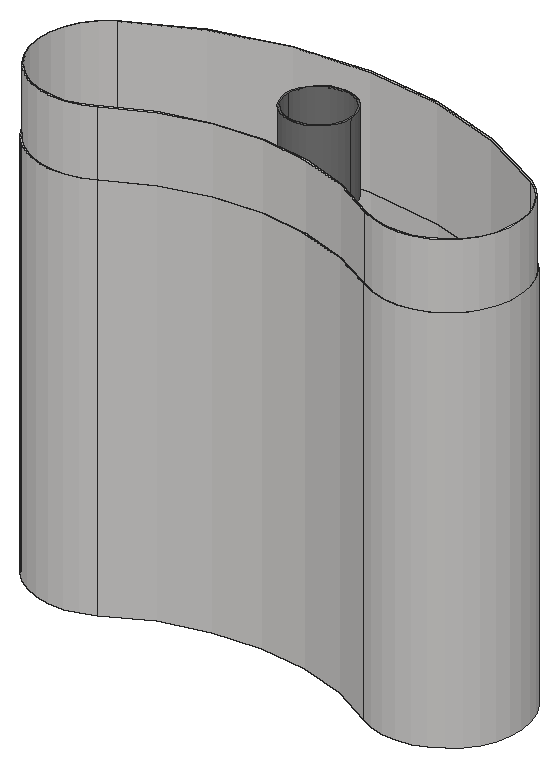
Revit family "Bean 110 Island Hood", category Generic Models, Revit 2012
Parameters
  Venting Properties = "800 MC/H"
  Switches for hood [instance] = Switches for hood
  Stainless Steel Hood material [instance] = Stainless Steel Hood Material
  Filter Material [instance] = Filter Material
  Availability = "www.rest-agio.com"
Reference planes (cm)
  plane 1 "Center (Front/Back)": y = 0
  plane 2: z = 0
  plane 3 "Center (Left/Right)": x = 0
Forms (cm)
  Extrusion 1, solid, material "Switches for hood" <- "Switches for hood"
    sketch origin (0, 34, 0) x (1, 0, 0) y (0, 1, 0)
      loop
        circle (0, 0) r 7.5
      loop
        circle (0, 0) r 7.16
    from 256.6636 to 275
  Extrusion 2, solid, material "Switches for hood" <- "Switches for hood"
    sketch origin (0.1813, 19.8366, 3) x (1, 0, 0) y (0, 1, 0)
      loop
        line (-0.1813, 0.5) -> (-1.1813, 0.5) -> (-1.1813, 0) -> (-1.1813, -0.5) -> (-0.1813, -0.5) -> (0.8187, -0.5) -> (0.8187, 0) -> (0.8187, 0.5) -> (-0.1813, 0.5)
    from 169.75 to 170
  Extrusion 3, solid, material "Switches for hood" <- "Switches for hood"
    sketch origin (2.6813, 19.8366, 3) x (1, 0, 0) y (0, 1, 0)
      loop
        line (-0.1813, 0.5) -> (-1.1813, 0.5) -> (-1.1813, 0) -> (-1.1813, -0.5) -> (-0.1813, -0.5) -> (0.8187, -0.5) -> (0.8187, 0) -> (0.8187, 0.5) -> (-0.1813, 0.5)
    from 169.75 to 170
  Extrusion 4, solid, material "Switches for hood" <- "Switches for hood"
    sketch origin (5.1813, 19.8366, 3) x (1, 0, 0) y (0, 1, 0)
      loop
        line (-0.1813, 0.5) -> (-1.1813, 0.5) -> (-1.1813, 0) -> (-1.1813, -0.5) -> (-0.1813, -0.5) -> (0.8187, -0.5) -> (0.8187, 0) -> (0.8187, 0.5) -> (-0.1813, 0.5)
    from 169.75 to 170
  Extrusion 5, solid, material "Switches for hood" <- "Switches for hood"
    sketch origin (-2.6813, 19.8366, 3) x (-1, 0, 0) y (0, -1, 0)
      loop
        line (-0.1813, -0.5) -> (0.8187, -0.5) -> (0.8187, 0) -> (0.8187, 0.5) -> (-0.1813, 0.5) -> (-1.1813, 0.5) -> (-1.1813, 0) -> (-1.1813, -0.5) -> (-0.1813, -0.5)
    from 169.75 to 170
  Extrusion 6, solid, material "Switches for hood" <- "Switches for hood"
    sketch origin (-5.1813, 19.8366, 3) x (-1, 0, 0) y (0, -1, 0)
      loop
        line (-0.1813, -0.5) -> (0.8187, -0.5) -> (0.8187, 0) -> (0.8187, 0.5) -> (-0.1813, 0.5) -> (-1.1813, 0.5) -> (-1.1813, 0) -> (-1.1813, -0.5) -> (-0.1813, -0.5)
    from 169.75 to 170
  Extrusion 7, solid, material "Stainless Steel Hood Material" <- "Stainless Steel Hood material"
    sketch origin (0, 0, 0) x (1, 0, 0) y (0, 1, 0)
      loop
        arc (-48.2371, 35.9777) -> (-52.6712, 13.8242) -> (-30.6786, 8.6507) r 16.25
        arc (-30.6786, 8.6507) -> (0, 17.6109) -> (30.6786, 8.6507) r 57
        arc (30.6786, 8.6507) -> (53.0382, 14.4235) -> (47.0475, 36.7258) r 16.25
        arc (47.0475, 36.7258) -> (-0.7027, 50.0864) -> (-48.2371, 35.9777) r 89.5
      loop
        arc (-48.1319, 35.8194) -> (-52.5112, 13.9267) -> (-30.7784, 8.8124) r 16.06
        arc (-30.7784, 8.8124) -> (0, 17.8009) -> (30.7784, 8.8124) r 57.19
        arc (30.7784, 8.8124) -> (52.8756, 14.522) -> (46.9505, 36.5624) r 16.06
        arc (46.9505, 36.5624) -> (-0.6978, 49.8964) -> (-48.1319, 35.8194) r 89.31
    from 170 to 260
  Extrusion 8, solid, material "Stainless Steel Hood Material" <- "Stainless Steel Hood material"
    sketch origin (0, 0, 0) x (1, 0, 0) y (0, 1, 0)
      loop
        arc (46.9505, 36.5624) -> (-0.6978, 49.8964) -> (-48.1319, 35.8194) r 89.31
        arc (-48.1319, 35.8194) -> (-52.5112, 13.9267) -> (-30.7784, 8.8124) r 16.06
        arc (-30.7784, 8.8124) -> (0, 17.8009) -> (30.7784, 8.8124) r 57.19
        arc (30.7784, 8.8124) -> (52.8756, 14.522) -> (46.9505, 36.5624) r 16.06
    from 175 to 177
  Extrusion 9, solid, material "Stainless Steel Hood Material"
    sketch origin (0, 0, 0) x (1, 0, 0) y (0, 1, 0)
      loop
        arc (-48.1319, 35.8194) -> (-52.5112, 13.9267) -> (-30.7784, 8.8124) r 16.06
        arc (-30.7784, 8.8124) -> (0, 17.8009) -> (30.7784, 8.8124) r 57.19
        arc (30.7784, 8.8124) -> (52.8756, 14.522) -> (46.9505, 36.5624) r 16.06
        arc (46.9505, 36.5624) -> (-0.6978, 49.8964) -> (-48.1319, 35.8194) r 89.31
      loop
        arc (-44.5002, 32.4221) -> (-48.7563, 17.0068) -> (-33.2977, 12.9107) r 11.25
        arc (-33.2977, 12.9107) -> (-19.7833, 19.3699) -> (-5.1142, 22.3996) r 62
        arc (-5.1142, 22.3996) -> (-2.8715, 23.7162) -> (-2.5, 26.29) r 3
        line (-2.5, 26.29) -> (-2.5, 41.9034)
        arc (-2.5, 41.9034) -> (-3.4515, 44.0951) -> (-5.7025, 44.8965) r 3
        arc (-5.7025, 44.8965) -> (-25.8647, 41.0334) -> (-44.5002, 32.4221) r 84.5
      loop
        arc (2.5, 26.29) -> (2.8715, 23.7162) -> (5.1142, 22.3996) r 3
        arc (5.1142, 22.3996) -> (19.7833, 19.3699) -> (33.2977, 12.9107) r 62
        arc (33.2977, 12.9107) -> (48.7563, 17.0068) -> (44.5002, 32.4221) r 11.25
        arc (44.5002, 32.4221) -> (25.8647, 41.0334) -> (5.7025, 44.8965) r 84.5
        arc (5.7025, 44.8965) -> (3.4515, 44.0951) -> (2.5, 41.9034) r 3
        line (2.5, 41.9034) -> (2.5, 26.29)
    from 173 to 175
  Extrusion 10, solid, material "Filter Material" <- "Filter Material"
    sketch origin (0, 0, 0) x (1, 0, 0) y (0, 1, 0)
      loop
        arc (-44.5002, 32.4221) -> (-48.7563, 17.0068) -> (-33.2977, 12.9107) r 11.25
        arc (-33.2977, 12.9107) -> (-19.7833, 19.3699) -> (-5.1142, 22.3996) r 62
        arc (-5.1142, 22.3996) -> (-2.8715, 23.7162) -> (-2.5, 26.29) r 3
        line (-2.5, 26.29) -> (-2.5, 41.9034)
        arc (-2.5, 41.9034) -> (-3.4515, 44.0951) -> (-5.7025, 44.8965) r 3
        arc (-5.7025, 44.8965) -> (-25.8647, 41.0334) -> (-44.5002, 32.4221) r 84.5
      loop
        line (2.5, 41.9034) -> (2.5, 26.29)
        arc (2.5, 26.29) -> (2.8715, 23.7162) -> (5.1142, 22.3996) r 3
        arc (5.1142, 22.3996) -> (19.7833, 19.3699) -> (33.2977, 12.9107) r 62
        arc (33.2977, 12.9107) -> (48.7563, 17.0068) -> (44.5002, 32.4221) r 11.25
        arc (44.5002, 32.4221) -> (25.8647, 41.0334) -> (5.7025, 44.8965) r 84.5
        arc (5.7025, 44.8965) -> (3.4515, 44.0951) -> (2.5, 41.9034) r 3
    from 173.25 to 174
  Extrusion 11, solid, material "Stainless Steel Hood Material"
    sketch origin (0, 0, 0) x (1, 0, 0) y (0, 1, 0)
      loop
        arc (-48.0987, 35.7695) -> (-52.4607, 13.9591) -> (-30.8099, 8.8635) r 16
        arc (-30.8099, 8.8635) -> (0, 17.8609) -> (30.8099, 8.8635) r 57.25
        arc (30.8099, 8.8635) -> (52.8243, 14.553) -> (46.9199, 36.5108) r 16
        arc (46.9199, 36.5108) -> (-0.6963, 49.8364) -> (-48.0987, 35.7695) r 89.25
      loop
        arc (-47.9934, 35.6113) -> (-52.3007, 14.0616) -> (-30.9097, 9.0252) r 15.81
        arc (-30.9097, 9.0252) -> (0, 18.0509) -> (30.9097, 9.0252) r 57.44
        arc (30.9097, 9.0252) -> (52.6617, 14.6514) -> (46.8229, 36.3473) r 15.81
        arc (46.8229, 36.3473) -> (-0.6914, 49.6465) -> (-47.9934, 35.6113) r 89.06
    from 250 to 275
Dimensions and locks (cm)
  aligned and locked: plane 2 to level
  aligned and locked: Extrusion 11 to Extrusion 1
Nested families (cm)
  nested 1: "CookingHood_Light" at (-50.4623, 15.7376, 35.84), type "CookingHood_Light"
  nested 2: "CookingHood_Light" at (0, 34.1466, 35.6849), type "CookingHood_Light"
  nested 3: "CookingHood_Light" at (50.4623, 15.7376, 35.6849) x (-1, 0, 0) z (0, 0, 1), type "CookingHood_Light"
Definition of nested family "CookingHood_Light"
  Parameters (values of type "CookingHood_Light")
    Wattage = 5.38568 W
    built-in parameter 1150110 = 1 (stored number, unit not read)
    built-in parameter 1114217 = 1 (stored number, unit not read)
    built-in parameter 1150109 = 1 (stored number, unit not read)
    built-in parameter 1150134 = (empty or 0)
    built-in parameter 1150113 = 1 (stored number, unit not read)
    Lumens = 800 lm
    built-in parameter 1010506 = 0.5236 (stored number, unit not read)
    built-in parameter 1010507 = 1.0472 (stored number, unit not read)
    Tilt Angle = 90.00°
    built-in parameter 1150115 = 1 (stored number, unit not read)
    built-in parameter 1150105 = 2674.9 (stored number, unit not read)
    Light Source Symbol Length = 60.96 cm
    built-in parameter 1150137 = (empty or 0)
    built-in parameter 1150139 = (empty or 0)
    built-in parameter 1150112 = 1 (stored number, unit not read)
    built-in parameter 1150114 = 1 (stored number, unit not read)
    built-in parameter 1150132 = 2
    built-in parameter 1150102 = (empty or 0)
    built-in parameter 1150138 = (empty or 0)
    built-in parameter 1150107 = 3000 (stored number, unit not read)
    built-in parameter 1150106 = 26.749 (stored number, unit not read)
    built-in parameter 1150104 = 13.8 (stored number, unit not read)
    Dimming Lamp Color Temperature Shift = (empty or 0)
    Color Filter = 16777215
    built-in parameter 1114218 = 1 (stored number, unit not read)
    built-in parameter 1150133 = 10 (stored number, unit not read)
  Reference planes (cm)
    plane 1 "Tilt Plane": y = 0
    plane 2: z = 0
    plane 3 "Light Source Axis (L/R)": x = 0
    plane 4 "Light Source Elevation": z = 137.16
  Forms (cm)
    Revolve 1, solid
      sketch origin (0, 0, 0) x (1, 0, 0) y (0, 0, 1)
        loop
          line (-1.7393, 137.3151) -> (-1.905, 137.3151) -> (-1.905, 137.16) -> (-1.5875, 137.16)
          arc (-1.5875, 137.16) -> (-1.1225, 138.2825) -> (0, 138.7475) r 1.5875
          line (0, 138.7475) -> (0, 138.9062)
          arc (0, 138.9062) -> (-1.1787, 138.4485) -> (-1.7393, 137.3151) r 1.7463
        axis (0, 137.16) -> (0, 138.9062)
      angle from 0 to 360
  Text (cm)
    text "0 Tilt Angle" at (80.9978, -457.2, 158.6413), in view "Front"
    text "270" at (-33.1585, -457.2, 248.8248), in view "Front"
    text "180" at (-113.068, -457.2, 158.6413), in view "Front"
    text "90" at (-32.0169, -457.2, 45.6265), in view "Front"
    text "0 Tilt Angle" at (195.2354, 457.2, 154.298), in view "Back"
    text "180" at (-87.6627, 457.2, 152.4796), in view "Back"
    text "270" at (36.7014, 457.2, 269.8908), in view "Back"
    text "90" at (30.4215, 457.2, 66.6926), in view "Back"
  Dimensions and locks (cm)
    locked: plane 3 "Light Source Axis (L/R)" to Revolve 1 sketch curve at 1.905
    aligned and locked: plane 3 "Light Source Axis (L/R)" to imposter light
    aligned and locked: plane 1 "Tilt Plane" to imposter light
    aligned and locked: plane 4 "Light Source Elevation" to imposter light
    aligned and locked: imposter light to Revolve 1 sketch curve
